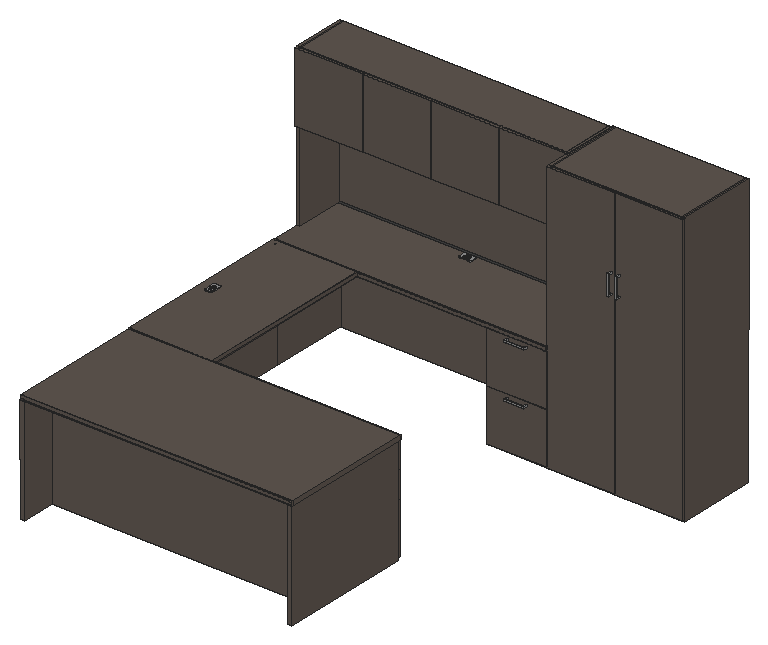
Revit family "T100056", category Generic Models, Revit 2018 (continued)
Definition of nested family "FIRST OFFICE-PULSE_CREDENZA_SINGLE_PED_RIGHT"
  Dimensions and locks (in)
    aligned and locked: plane 25 to Extrusion 6
    aligned and locked: Extrusion 6 to plane 24
    aligned and locked: Extrusion 14 to Sweep 15
    aligned and locked: Extrusion 16 to Sweep 15
    aligned and locked: plane 6 "DESK TOP" to cut or joined group of Extrusion 8, Extrusion 18
    aligned and locked: cut or joined group of Extrusion 8, Extrusion 18 to plane 7 "BASE HEIGHT"
    aligned and locked: plane 19 to Extrusion 3
    aligned and locked: plane 26 to cut or joined group of Extrusion 14, Sweep 15, Extrusion 18
    aligned and locked: Sweep 15 sketch curve to plane 26
    aligned and locked: plane 6 "DESK TOP" to Sweep 15 sketch curve
    aligned and locked: plane 26 to Sweep 17 sketch curve
    aligned and locked: plane 6 "DESK TOP" to Sweep 17 sketch curve
    aligned and locked: cut or joined group of Extrusion 14, Sweep 15, Extrusion 18 to plane 6 "DESK TOP"
    aligned and locked: cut or joined group of Sweep 15, Extrusion 16, Sweep 17, Extrusion 18 to plane 6 "DESK TOP"
  Automatic sketch dimensions
    Extrusion 1 sketch curve to plane 14 = 0' - 0"
    Extrusion 1 sketch curve to plane 16 = 0' - 0"
    Extrusion 1 sketch curve to plane 11 = 0' - 0"
    plane 17 to Extrusion 1 sketch curve = 0' - 0"
    Extrusion 2 sketch curve to plane 16 = 0' - 0"
    Extrusion 2 sketch curve to plane 10 "PEDESTAL TOP" = 0' - 0"
    plane 17 to Extrusion 2 sketch curve = 0' - 0"
    Extrusion 3 sketch curve to plane 23 "MODESTY PANEL" = 0' - 0"
    Extrusion 4 sketch curve to plane 10 "PEDESTAL TOP" = 0' - 0"
    Extrusion 4 sketch curve to plane 12 "PEDESTAL FRONT" = 0' - 0"
    Extrusion 4 sketch curve to plane 23 "MODESTY PANEL" = 0' - 0"
    level to Extrusion 4 sketch curve = 0' - 0.499"
    Extrusion 5 sketch curve to plane 7 "BASE HEIGHT" = 0' - 0"
    Extrusion 5 sketch curve to plane 12 "PEDESTAL FRONT" = 0' - 0"
    Extrusion 5 sketch curve to plane 9 "PEDESTAL BOTTOM" = 0' - 0"
    Extrusion 5 sketch curve to plane 24 = 0' - 0"
    Extrusion 8 sketch curve to plane 4 "LEFT" = 0' - 0"
    Extrusion 8 sketch curve to plane 5 "RIGHT" = 0' - 0"
    Extrusion 8 sketch curve to plane 8 "FRONT" = 0' - 0 1/8"
    Extrusion 9 sketch curve to plane 6 "DESK TOP" = 0' - 0"
    Extrusion 9 sketch curve to plane 7 "BASE HEIGHT" = 0' - 0"
    Extrusion 9 sketch curve to plane 8 "FRONT" = 0' - 0 1/8"
    plane 13 "DRAWER FRONT" to Extrusion 10 sketch curve = 0' - 0"  (x2)
    plane 20 to Extrusion 10 sketch curve = 0' - 4 5/32"
    Extrusion 10 sketch curve to Extrusion 10 sketch curve = 0' - 0 3/8"  (x2)
    plane 8 "FRONT" to Extrusion 10 sketch curve = 0' - 0 9/16"
    Extrusion 10 sketch curve to Extrusion 10 sketch curve = 0' - 4 11/16"
    Extrusion 10 sketch curve to Extrusion 10 sketch curve = 0' - 0 3/16"
    plane 13 "DRAWER FRONT" to Extrusion 11 sketch curve = 0' - 0"  (x2)
    plane 20 to Extrusion 11 sketch curve = 0' - 4 5/32"
    Extrusion 11 sketch curve to Extrusion 11 sketch curve = 0' - 0 3/8"  (x2)
    plane 8 "FRONT" to Extrusion 11 sketch curve = 0' - 0 9/16"
    Extrusion 11 sketch curve to Extrusion 11 sketch curve = 0' - 4 11/16"
    Extrusion 11 sketch curve to Extrusion 11 sketch curve = 0' - 0 3/16"
    Masking region 1 sketch curve to plane 4 "LEFT" = 0' - 0"
    Masking region 1 sketch curve to plane 5 "RIGHT" = 0' - 0"
    plane 8 "FRONT" to Masking region 1 sketch curve = 0' - 0"
    plane 8 "FRONT" to Masking region 2 sketch curve = 0' - 0"  (x2)
    Masking region 2 sketch curve to Masking region 2 sketch curve = 0' - 0 9/16"
    Masking region 2 sketch curve to Masking region 2 sketch curve = 0' - 0 3/16"
    plane 20 to Masking region 2 sketch curve = 0' - 4 5/32"
    Masking region 2 sketch curve to Masking region 2 sketch curve = 0' - 0 3/8"  (x2)
    Masking region 2 sketch curve to Masking region 2 sketch curve = 0' - 4 11/16"
    plane 12 "PEDESTAL FRONT" to Extrusion 12 sketch curve = 0' - 0 7/8"
    Extrusion 12 sketch curve to plane 19 = 0' - 0"
    Extrusion 12 sketch curve to plane 23 "MODESTY PANEL" = 0' - 0 1/8"
    plane 12 "PEDESTAL FRONT" to Extrusion 13 sketch curve = 0' - 0"
    Extrusion 13 sketch curve to plane 20 = 0' - 0"
    plane 16 to Extrusion 13 sketch curve = 0' - 0.062"
    plane 23 "MODESTY PANEL" to Extrusion 13 sketch curve = 0' - 0 1/8"
    Extrusion 14 sketch curve to plane 3 "Center Left/Right" = 0' - 1 1/4"
    Extrusion 14 sketch curve to plane 1 "Center Front/Back" = 0' - 7"
    Extrusion 14 sketch curve to Extrusion 14 sketch curve = 0' - 0 7/16"  (x3)
    Extrusion 14 sketch curve to Extrusion 14 sketch curve = 0' - 0.62004"  (x2)
    Extrusion 14 sketch curve to Extrusion 14 sketch curve = 0' - 0.25496"  (x2)
    Extrusion 14 sketch curve to Extrusion 14 sketch curve = 0' - 0 1/4"
    Extrusion 14 sketch curve to plane 3 "Center Left/Right" = 0' - 0"  (x2)
    Sweep 15 sketch curve to plane 3 "Center Left/Right" = 0' - 0 7/16"
    Sweep 15 sketch curve to plane 1 "Center Front/Back" = 0' - 7.62004"
    Sweep 15 sketch curve to Sweep 15 sketch curve = 0' - 0.25496"  (x2)
    Sweep 15 sketch curve to Sweep 15 sketch curve = 0' - 0 1/4"
    Sweep 15 sketch curve to plane 3 "Center Left/Right" = 0' - 0"  (x2)
    profile plane to Sweep 15 sketch curve = 0' - 0"
    plane 3 "Center Left/Right" to Extrusion 16 sketch curve = 0' - 1 1/4"
    Extrusion 16 sketch curve to plane 1 "Center Front/Back" = 0' - 7"
    Extrusion 16 sketch curve to Extrusion 16 sketch curve = 0' - 0 7/16"  (x2)
    plane 3 "Center Left/Right" to Extrusion 16 sketch curve = 0' - 0 7/16"
    Extrusion 16 sketch curve to Extrusion 16 sketch curve = 0' - 0.62004"  (x2)
    Extrusion 16 sketch curve to Extrusion 16 sketch curve = 0' - 0.25496"  (x2)
    Extrusion 16 sketch curve to Extrusion 16 sketch curve = 0' - 0 1/4"
    plane 3 "Center Left/Right" to Extrusion 16 sketch curve = 0' - 0"  (x2)
    Sweep 17 sketch curve to plane 3 "Center Left/Right" = 0' - 0 7/16"
    plane 1 "Center Front/Back" to Sweep 17 sketch curve = 0' - 7.62004"
    Sweep 17 sketch curve to Sweep 17 sketch curve = 0' - 0.25496"  (x2)
    Sweep 17 sketch curve to Sweep 17 sketch curve = 0' - 0 1/4"
    Sweep 17 sketch curve to plane 3 "Center Left/Right" = 0' - 0"  (x2)
    profile plane to Sweep 17 sketch curve = 0' - 0"
    Masking region 3 sketch curve to plane 1 "Center Front/Back" = 0' - 7"
    Masking region 3 sketch curve to Masking region 3 sketch curve = 0' - 0 7/16"  (x3)
    Masking region 3 sketch curve to plane 3 "Center Left/Right" = 0' - 0"  (x2)
    Masking region 3 sketch curve to Masking region 3 sketch curve = 0' - 0.62004"  (x2)
    Masking region 3 sketch curve to Masking region 3 sketch curve = 0' - 0.25496"  (x2)
    Masking region 3 sketch curve to Masking region 3 sketch curve = 0' - 0 1/4"
    Masking region 3 sketch curve to Masking region 3 sketch curve = 0' - 0 13/16"
    plane 3 "Center Left/Right" to Masking region 4 sketch curve = 0' - 0"  (x2)
    plane 3 "Center Left/Right" to Masking region 4 sketch curve = 0' - 0 7/16"
    Masking region 4 sketch curve to Masking region 4 sketch curve = 0' - 0"
    Masking region 4 sketch curve to Masking region 4 sketch curve = 0' - 0.25496"
    Masking region 4 sketch curve to Masking region 4 sketch curve = 0' - 0 13/16"
    Masking region 4 sketch curve to Masking region 4 sketch curve = 0' - 0.55754"
    Masking region 4 sketch curve to Masking region 4 sketch curve = 0' - 0 7/16"  (x2)
    Masking region 4 sketch curve to plane 1 "Center Front/Back" = 0' - 7"
    Masking region 4 sketch curve to Masking region 4 sketch curve = 0' - 0.62004"
    Masking region 4 sketch curve to Masking region 4 sketch curve = 0' - 0 1/4"
    Extrusion 18 sketch curve to plane 24 = 0' - 2.45"
    Extrusion 18 sketch curve to Extrusion 18 sketch curve = 0' - 1"
    Extrusion 18 sketch curve to plane 3 "Center Left/Right" = 0' - 0 3/4"
    plane 3 "Center Left/Right" to Extrusion 18 sketch curve = 0' - 0 3/4"
    plane 12 "PEDESTAL FRONT" to Extrusion 3 sketch curve = 0' - 1"
    plane 4 "LEFT" to Extrusion 12 sketch curve = 0' - 0 1/8"
Definition of nested family "FIRST OFFICE-PULSE_DESK_SINGLE_PED_LEFT"
  Parameters (values of type "PULSE_DESK_SNGL_PED_4-7236FLPD")
    URL = "http://www.firstoffice.com/products/casegoods/pulse"
    TOP D SIZE [instance] = yes
    THICKNESS [instance] = if(TOP D SIZE, 0' 1.188", 0' 1.563")  # 0' - 1.188"
    PEDESTAL HEIGHT = 2' - 4.187"
    DESK WIDTH = 6' - 0"
    FULL PED = PEDESTAL HEIGHT > 2' 1"  # yes
    DRAWER FRONT = none
    ENVIRONMENTAL = "http://www.firstoffice.com/information/environment"
    DESK DEPTH = 3' - 0"
    TOP CORE = none
    Manufacturer = "FIRST OFFICE-PULSE"
    MODEL NUMBER = "4-7236FLPD"
    MANUFACTURERS' CODE = "FOF"
    EDGE SHAPE = none
    Description = "PULSE SINGLE PED DESK LEFT 72X36"
    CHASSIS = none
    CATALOG CODE = "FOF"
  Types (5): name | PEDESTAL HEIGHT | DESK WIDTH | FULL PED | DESK DEPTH | MODEL NUMBER | Description
    (no name) | 2' - 4.187" | 6' - 0" | yes | 3' - 0" | "4-7236FLPD" | "PULSE SINGLE PED DESK LEFT 72X36"
    PULSE_DESK_SNGL_PED_4-6630FLPD | 2' - 4.187" | 5' - 6" | yes | 2' - 6" | "4-6630FLPD" | "PULSE SINGLE PED DESK LEFT 66X30"
    PULSE_DESK_SNGL_PED_4-7236FLPD | 2' - 4.187" | 6' - 0" | yes | 3' - 0" | "4-7236FLPD" | "PULSE SINGLE PED DESK LEFT 72X36"
    PULSE_DESK_SNGL_PED_4-6630LPD | 1' - 9 1/4" | 5' - 6" | no | 2' - 6" | "4-6630LPD" | "PULSE SINGLE 3/4 PED DESK LEFT 66X30"
    PULSE_DESK_SNGL_PED_4-7236LPD | 1' - 9 1/4" | 6' - 0" | no | 3' - 0" | "4-7236LPD" | "PULSE SINGLE 3/4 PED DESK LEFT 72X36"
  Reference planes (in)
    plane 1 "Center Front/Back": y = 3.18047
    plane 2: z = 0
    plane 3 "Center Left/Right": x = 0
    plane 4 "LEFT": x = -36
    plane 5 "RIGHT": x = 36
    plane 6 "DESK TOP": z = 30
    plane 7 "BASE HEIGHT": z = 28.812
    plane 8 "FRONT": y = -14.81953
    plane 9 "PEDESTAL BOTTOM": z = 0.5
    plane 10 "PEDESTAL TOP": z = 28.687
    plane 11: z = 1.063
    plane 12 "PEDESTAL FRONT": y = -13.81953
    plane 13 "DRAWER FRONT": y = -14.56953
    plane 14 "ARC DEPTH": y = 21.18047
    plane 15: z = 14.813
    plane 16: z = 14.938
    plane 17: z = 21.874
    plane 18: z = 21.75
    plane 19: x = -35.937
    plane 20: x = 35.937
    plane 21: x = -20.124
    plane 22: x = -34.937
    plane 23: x = -20.874
    plane 24: x = 34.937
    plane 25: z = 1.25
    plane 26: x = -20.187
    plane 27: y = 12.18047
    plane 28: y = 11.43047
    plane 29: z = 16.812
    plane 30: y = 21.05547
  Forms (in)
    Extrusion 1, solid, material <- "DRAWER FRONT"
      sketch origin (0, -14.56953, 0) x (1, 0, 0) y (0, 0, 1)
        loop
          line (-35.937, 14.813) -> (-35.937, 1.063) -> (-20.187, 1.063) -> (-20.187, 14.813) -> (-35.937, 14.813)
      from -0.75 to 0
    Extrusion 2, solid, visible <- "FULL PED"
      sketch origin (0, -14.56953, 0) x (1, 0, 0) y (0, 0, 1)
        loop
          line (-35.937, 21.75) -> (-35.937, 14.938) -> (-20.187, 14.938) -> (-20.187, 21.75) -> (-35.937, 21.75)
      from -0.75 to 0
    Extrusion 3, solid
      sketch origin (0, -14.56953, 0) x (1, 0, 0) y (0, 0, 1)
        loop
          line (-35.937, 28.687) -> (-35.937, 21.874) -> (-20.187, 21.874) -> (-20.187, 28.687) -> (-35.937, 28.687)
      from -0.75 to 0
    Extrusion 4, solid, material <- "CHASSIS"
      sketch origin (0, 12.18047, 0) x (-1, 0, 0) y (0, 0, 1)
        loop
          line (-34.937, 28.812) -> (-34.937, 0.499) -> (34.937, 0.499) -> (34.937, 28.812) -> (-34.937, 28.812)
      from -0.75 to 0
    Extrusion 5, solid, material <- "TOP CORE"
      sketch origin (0, 0, 30) x (0, 1, 0) y (-1, 0, 0)
        loop
          line (21.05547, 36) -> (-14.69453, 36) -> (-14.69453, -36) -> (21.05547, -36) -> (21.05547, 36)
      from -1.188 to 0
    Extrusion 6, solid, material <- "EDGE SHAPE"
      sketch origin (0, 0, 0) x (0, 1, 0) y (0, 0, 1)
        loop
          line (-14.69453, 28.812) -> (-14.69453, 30)
          arc (-14.69453, 30) -> (-14.78292, 29.96339) -> (-14.81953, 29.875) r 0.125
          line (-14.81953, 29.875) -> (-14.81953, 28.937)
          arc (-14.81953, 28.937) -> (-14.78292, 28.84861) -> (-14.69453, 28.812) r 0.125
      from -36 to 36
    Extrusion 7, solid, visible <- "FULL PED"
      sketch origin (-19.03911, -15.37535, 16.001) x (1, 0, 0) y (0, 1, 0)
        loop
          line (-11.74164, 0.80581) -> (-11.74164, -0.19419) -> (-6.30414, -0.19419) -> (-6.30414, 0.80581) -> (-6.67914, 0.80581) -> (-6.67914, -0.00669) -> (-11.36664, -0.00669) -> (-11.36664, 0.80581) -> (-11.74164, 0.80581)
      from 4.53125 to 5
    Extrusion 8, solid
      sketch origin (-19.03911, -15.37535, 22.938) x (1, 0, 0) y (0, 1, 0)
        loop
          line (-11.74164, 0.80581) -> (-11.74164, -0.19419) -> (-6.30414, -0.19419) -> (-6.30414, 0.80581) -> (-6.67914, 0.80581) -> (-6.67914, -0.00669) -> (-11.36664, -0.00669) -> (-11.36664, 0.80581) -> (-11.74164, 0.80581)
      from 4.53125 to 5
    Extrusion 9, solid
      sketch origin (-19.03911, -15.37535, 9.063) x (1, 0, 0) y (0, 1, 0)
        loop
          line (-11.74164, 0.80581) -> (-11.74164, -0.19419) -> (-6.30414, -0.19419) -> (-6.30414, 0.80581) -> (-6.67914, 0.80581) -> (-6.67914, -0.00669) -> (-11.36664, -0.00669) -> (-11.36664, 0.80581) -> (-11.74164, 0.80581)
      from 4.53125 to 5
    Extrusion 10, solid, material <- "CHASSIS"
      sketch origin (-38, 5.25, 0) x (0, 1, 0) y (0, 0, 1)
        loop
          line (-19.06953, 28.687) -> (-19.06953, 0.499) -> (15.93047, 0.499) -> (15.93047, 28.687) -> (-19.06953, 28.687)
      from 2 to 3.063
    Extrusion 11, solid
      sketch origin (-2, 5.25, 28.687) x (0, 1, 0) y (-1, 0, 0)
        loop
          line (15.80547, 32.937) -> (15.80547, 33.937) -> (-19.06953, 33.937) -> (-19.06953, 32.937) -> (15.80547, 32.937)
      from 0 to 0.125
    Extrusion 12, solid, material <- "CHASSIS"
      sketch origin (36, 5.5, 0) x (0, 1, 0) y (0, 0, -1)
        loop
          line (-20.31953, -28.687) -> (15.68047, -28.687) -> (15.68047, -0.499) -> (-20.31953, -0.499) -> (-20.31953, -28.687)
      from 0 to 1.063
    Extrusion 13, solid
      sketch origin (0, 5.5, 28.687) x (0, 1, 0) y (-1, 0, 0)
        loop
          line (15.55547, -34.937) -> (-20.06953, -34.937) -> (-20.06953, -35.937) -> (15.55547, -35.937) -> (15.55547, -34.937)
      from 0 to 0.125
    Extrusion 14, solid, material <- "CHASSIS"
      sketch origin (-15, 4.5, 0) x (0, 1, 0) y (0, 0, -1)
        loop
          line (-18.31953, -28.812) -> (6.93047, -28.812) -> (6.93047, -0.5) -> (-18.31953, -0.5) -> (-18.31953, -28.812)
      from 5.124 to 5.874
    Extrusion 15, solid, material <- "CHASSIS", not visible
      sketch origin (0, 4.5, 0.5) x (0, 1, 0) y (-1, 0, 0)
        loop
          line (6.93047, 20.874) -> (6.93047, 34.937) -> (-18.31953, 34.937) -> (-18.31953, 20.874) -> (6.93047, 20.874)
      from 0 to 0.75
    Extrusion 16, solid, material <- "CHASSIS"
      sketch origin (0, 1.5, 0.5) x (0, 1, 0) y (-1, 0, 0)
        loop
          line (9.93047, 20.874) -> (9.93047, 34.937) -> (-15.31953, 34.937) -> (-15.31953, 20.874) -> (9.93047, 20.874)
      from 0 to 0.75
    Extrusion 17, solid, material <- "EDGE SHAPE"
      sketch origin (0, 0, 0) x (0, 1, 0) y (0, 0, 1)
        loop
          arc (21.18047, 29.875) -> (21.14385, 29.96339) -> (21.05547, 30) r 0.125
          line (21.05547, 30) -> (21.05547, 28.812)
          arc (21.05547, 28.812) -> (21.14385, 28.84861) -> (21.18047, 28.937) r 0.125
          line (21.18047, 28.937) -> (21.18047, 29.875)
      from -36 to 36
  Lines and regions (in)
    Masking region 1
      outline origin (0, 0, 0) x (1, 0, 0) y (0, 1, 0)
        loop
          line (-36, 21.18047) -> (-36, -14.81953) -> (36, -14.81953) -> (36, 21.18047) -> (-36, 21.18047)
    Masking region 2
      outline origin (0, 0, 0) x (1, 0, 0) y (0, 1, 0)
        loop
          line (-30.78075, -14.81953) -> (-30.78075, -15.56953) -> (-25.34325, -15.56953) -> (-25.34325, -14.81953) -> (-25.71825, -14.81953) -> (-25.71825, -15.38203) -> (-30.40575, -15.38203) -> (-30.40575, -14.81953) -> (-30.78075, -14.81953)
  Dimensions and locks (in)
    equal spacing: plane 4 "LEFT", plane 3 "Center Left/Right", plane 5 "RIGHT"
    "DESK WIDTH": plane 4 "LEFT" to plane 5 "RIGHT"
    "DESK DEPTH": plane 8 "FRONT" to plane 14 "ARC DEPTH"
    equal spacing: plane 8 "FRONT", plane 1 "Center Front/Back", plane 14 "ARC DEPTH"
    plane 16 to plane 15 to plane 11 = 0' - 0 1/8" locked, 1' - 1 3/4" locked
    locked: plane 10 "PEDESTAL TOP" to plane 17 at 6.813
    locked: plane 17 to plane 18 at 0.124
    plane 25 to plane 11 to plane 9 "PEDESTAL BOTTOM" = 0' - 0.187" locked, 0' - 0.563" locked
    locked: Extrusion 4 sketch curve to Extrusion 5 at 28.313
    "PEDESTAL HEIGHT": plane 10 "PEDESTAL TOP" to plane 9 "PEDESTAL BOTTOM"
    plane 7 "BASE HEIGHT" to plane 10 "PEDESTAL TOP" to plane 2 = 0' - 0 1/8" locked, 2' - 4.687" locked
    "THICKNESS": plane 6 "DESK TOP" to plane 7 "BASE HEIGHT"
    plane 8 "FRONT" to plane 13 "DRAWER FRONT" to plane 12 "PEDESTAL FRONT" to plane 28 to plane 27 = 0' - 0 1/4" locked, 0' - 0 3/4" locked, 2' - 1 1/4" locked, 0' - 0 3/4" locked
    locked: plane 14 "ARC DEPTH" to plane 30 at 0.125
    plane 24 to plane 20 to plane 5 "RIGHT" = 0' - 1" locked, 0' - 0.063" locked
    plane 4 "LEFT" to plane 19 to plane 22 to plane 23 to plane 26 to plane 21 = 0' - 0.063" locked, 0' - 1" locked, 1' - 2.063" locked, 0' - 0.687" locked, 0' - 0.063" locked
    plane 15 to Extrusion 9 to Extrusion 9 = 0' - 0 3/4" locked, 0' - 0 15/32" locked
    aligned and locked: plane 19 to Extrusion 1 sketch curve
    aligned and locked: Extrusion 1 sketch curve to plane 15
    aligned and locked: plane 11 to Extrusion 1 sketch curve
    aligned and locked: Extrusion 2 sketch curve to plane 19
    aligned and locked: Extrusion 2 sketch curve to plane 16
    aligned and locked: plane 18 to Extrusion 2 sketch curve
    aligned and locked: Extrusion 3 sketch curve to plane 17
    aligned and locked: plane 10 "PEDESTAL TOP" to Extrusion 3 sketch curve
    aligned: Extrusion 3 to plane 12 "PEDESTAL FRONT"
    aligned: plane 13 "DRAWER FRONT" to Extrusion 3
    aligned: Extrusion 2 to plane 12 "PEDESTAL FRONT"
    aligned: plane 13 "DRAWER FRONT" to Extrusion 2
    aligned and locked: Extrusion 1 to plane 12 "PEDESTAL FRONT"
    aligned and locked: plane 13 "DRAWER FRONT" to Extrusion 1
    aligned and locked: plane 7 "BASE HEIGHT" to Extrusion 4 sketch curve
    aligned and locked: Extrusion 4 sketch curve to plane 24
    aligned and locked: Extrusion 4 sketch curve to plane 22
    aligned and locked: Extrusion 5 to plane 7 "BASE HEIGHT"
    aligned and locked: plane 6 "DESK TOP" to Extrusion 5
    aligned and locked: Extrusion 6 sketch curve to plane 8 "FRONT"
    aligned and locked: Extrusion 6 to plane 4 "LEFT"
    aligned and locked: plane 5 "RIGHT" to Extrusion 6
    aligned and locked: level to plane 2
    aligned and locked: plane 26 to Extrusion 3 sketch curve
    aligned and locked: plane 26 to Extrusion 2 sketch curve
    aligned and locked: Extrusion 1 sketch curve to plane 26
    aligned and locked: plane 27 to Extrusion 4
    aligned and locked: Extrusion 4 to plane 28
    aligned and locked: plane 28 to Extrusion 4
    aligned and locked: Extrusion 4 to plane 27
    aligned and locked: plane 5 "RIGHT" to Extrusion 5 sketch curve
    aligned and locked: plane 14 "ARC DEPTH" to Extrusion 10
    aligned and locked: plane 30 to Extrusion 11
    aligned and locked: plane 14 "ARC DEPTH" to Extrusion 12
    aligned and locked: plane 30 to Extrusion 13
    aligned and locked: plane 28 to Extrusion 16
    aligned and locked: plane 12 "PEDESTAL FRONT" to Extrusion 11
    aligned and locked: plane 12 "PEDESTAL FRONT" to Extrusion 10
    aligned and locked: plane 12 "PEDESTAL FRONT" to Extrusion 16
    aligned and locked: plane 12 "PEDESTAL FRONT" to Extrusion 15
    aligned and locked: plane 12 "PEDESTAL FRONT" to Extrusion 14
    aligned and locked: plane 13 "DRAWER FRONT" to Extrusion 13
    aligned and locked: plane 8 "FRONT" to Extrusion 12
    aligned and locked: Extrusion 10 to plane 4 "LEFT"
    aligned and locked: plane 22 to Extrusion 10
    aligned and locked: Extrusion 14 to plane 23
    aligned and locked: plane 21 to Extrusion 14
    aligned and locked: plane 5 "RIGHT" to Extrusion 12
    aligned and locked: plane 24 to Extrusion 12
    aligned and locked: Extrusion 8 to Masking region 2  (x2)
    aligned and locked: Extrusion 7 to Extrusion 8  (x2)
    aligned and locked: Extrusion 9 to Extrusion 7  (x2)
    aligned and locked: Extrusion 17 sketch curve to plane 30
    aligned and locked: plane 14 "ARC DEPTH" to Extrusion 17 sketch curve
    aligned and locked: plane 6 "DESK TOP" to Extrusion 17 sketch curve
    aligned and locked: plane 7 "BASE HEIGHT" to Extrusion 17 sketch curve
    aligned and locked: Extrusion 17 to plane 4 "LEFT"
    aligned and locked: plane 5 "RIGHT" to Extrusion 17
    aligned and locked: plane 25 to Extrusion 16
    aligned and locked: plane 25 to Extrusion 15
    aligned and locked: Extrusion 16 to plane 9 "PEDESTAL BOTTOM"
    aligned and locked: Extrusion 15 to plane 9 "PEDESTAL BOTTOM"
    aligned and locked: plane 28 to Extrusion 15 sketch curve
    aligned and locked: plane 28 to Extrusion 14
    aligned and locked: Extrusion 10 to Extrusion 4
    aligned and locked: Extrusion 12 to Extrusion 10
  Automatic sketch dimensions
    Extrusion 3 sketch curve to plane 19 = 0' - 0"
    Extrusion 5 sketch curve to plane 4 "LEFT" = 0' - 0"
    Extrusion 5 sketch curve to plane 30 = 0' - 0"
    Extrusion 5 sketch curve to plane 8 "FRONT" = 0' - 0 1/8"
    Extrusion 6 sketch curve to plane 6 "DESK TOP" = 0' - 0"
    Extrusion 6 sketch curve to plane 7 "BASE HEIGHT" = 0' - 0"
    Extrusion 6 sketch curve to plane 8 "FRONT" = 0' - 0 1/8"
    plane 13 "DRAWER FRONT" to Extrusion 7 sketch curve = 0' - 0"  (x2)
    plane 22 to Extrusion 7 sketch curve = 0' - 4 5/32"
    Extrusion 7 sketch curve to Extrusion 7 sketch curve = 0' - 0 3/8"  (x2)
    plane 8 "FRONT" to Extrusion 7 sketch curve = 0' - 0 9/16"
    Extrusion 7 sketch curve to plane 23 = 0' - 4.84425"
    Extrusion 7 sketch curve to Extrusion 7 sketch curve = 0' - 0 3/16"
    plane 13 "DRAWER FRONT" to Extrusion 8 sketch curve = 0' - 0"  (x2)
    plane 22 to Extrusion 8 sketch curve = 0' - 4 5/32"
    Extrusion 8 sketch curve to Extrusion 8 sketch curve = 0' - 0 3/8"  (x2)
    plane 8 "FRONT" to Extrusion 8 sketch curve = 0' - 0 9/16"
    Extrusion 8 sketch curve to plane 23 = 0' - 4.84425"
    Extrusion 8 sketch curve to Extrusion 8 sketch curve = 0' - 0 3/16"
    plane 13 "DRAWER FRONT" to Extrusion 9 sketch curve = 0' - 0"  (x2)
    plane 22 to Extrusion 9 sketch curve = 0' - 4 5/32"
    Extrusion 9 sketch curve to Extrusion 9 sketch curve = 0' - 0 3/8"  (x2)
    plane 8 "FRONT" to Extrusion 9 sketch curve = 0' - 0 9/16"
    Extrusion 9 sketch curve to plane 23 = 0' - 4.84425"
    Extrusion 9 sketch curve to Extrusion 9 sketch curve = 0' - 0 3/16"
    Masking region 1 sketch curve to plane 4 "LEFT" = 0' - 0"
    Masking region 1 sketch curve to plane 5 "RIGHT" = 0' - 0"
    plane 8 "FRONT" to Masking region 1 sketch curve = 0' - 0"
    Masking region 1 sketch curve to plane 14 "ARC DEPTH" = 0' - 0"
    Extrusion 10 sketch curve to plane 10 "PEDESTAL TOP" = 0' - 0"
    Extrusion 10 sketch curve to plane 12 "PEDESTAL FRONT" = 0' - 0"
    Extrusion 10 sketch curve to plane 14 "ARC DEPTH" = 0' - 0"
    Extrusion 10 sketch curve to plane 9 "PEDESTAL BOTTOM" = 0' - 0.001"
    plane 12 "PEDESTAL FRONT" to Extrusion 11 sketch curve = 0' - 0"
    Extrusion 11 sketch curve to plane 19 = 0' - 0"
    Extrusion 11 sketch curve to plane 30 = 0' - 0"
    Extrusion 11 sketch curve to plane 22 = 0' - 0"
    Extrusion 12 sketch curve to plane 8 "FRONT" = 0' - 0"
    Extrusion 12 sketch curve to plane 14 "ARC DEPTH" = 0' - 0"
    Extrusion 12 sketch curve to plane 10 "PEDESTAL TOP" = 0' - 0"
    Extrusion 12 sketch curve to plane 9 "PEDESTAL BOTTOM" = 0' - 0.001"
    plane 13 "DRAWER FRONT" to Extrusion 13 sketch curve = 0' - 0"
    Extrusion 13 sketch curve to plane 20 = 0' - 0"
    Extrusion 13 sketch curve to plane 30 = 0' - 0"
    Extrusion 13 sketch curve to plane 24 = 0' - 0"
    Extrusion 14 sketch curve to plane 7 "BASE HEIGHT" = 0' - 0"
    Extrusion 14 sketch curve to plane 12 "PEDESTAL FRONT" = 0' - 0"
    Extrusion 14 sketch curve to plane 9 "PEDESTAL BOTTOM" = 0' - 0"
    plane 12 "PEDESTAL FRONT" to Extrusion 15 sketch curve = 0' - 0"
    Extrusion 15 sketch curve to plane 22 = 0' - 0"
    Extrusion 15 sketch curve to plane 23 = 0' - 0"
    plane 12 "PEDESTAL FRONT" to Extrusion 16 sketch curve = 0' - 0"
    Extrusion 16 sketch curve to plane 22 = 0' - 0"
    Extrusion 16 sketch curve to plane 28 = 0' - 0"
    Extrusion 16 sketch curve to plane 23 = 0' - 0"
    plane 8 "FRONT" to Masking region 2 sketch curve = 0' - 0"  (x2)
    plane 8 "FRONT" to Masking region 2 sketch curve = 0' - 0 3/4"
    plane 22 to Masking region 2 sketch curve = 0' - 4 5/32"
    Masking region 2 sketch curve to Masking region 2 sketch curve = 0' - 0 3/8"  (x2)
    Masking region 2 sketch curve to Masking region 2 sketch curve = 0' - 4 11/16"
    Masking region 2 sketch curve to Masking region 2 sketch curve = 0' - 0 3/16"
    Extrusion 14 sketch curve to plane 30 = 0' - 9 5/8"
Definition of nested family "FIRST OFFICE-PULSE_STORAGE_WARDROBE_DOUBLE_DOOR"
  Parameters (values of type "PULSE_STORAGE_WARDROBE_2-DOORS_4-7236SW")
    CABINET WIDTH = 3' - 0"
    VERTICAL PLANKS = none
    URL = "http://www.firstoffice.com/products/casegoods/pulse"
    TOP/BOTTOM = none
    DOOR = none
    Manufacturer = "FIRST OFFICE-PULSE"
    MODEL NUMBER = "4-7236SW"
    MANUFACTURERS' CODE = "FOF"
    ENVIRONMENT = "http://www.firstoffice.com/information/environment"
    Description = "PULSE WARDROBE WITH 2 DOORS 36X72"
    CATALOG CODE = "FOF"
  Types (3): name | CABINET WIDTH | MODEL NUMBER | Description
    (no name) | 3' - 0" | "4-7236SW" | "PULSE WARDROBE WITH 2 DOORS 36X72"
    PULSE_STORAGE_WARDROBE_2-DOORS_4-7230SW | 2' - 6" | "4-7230SW" | "PULSE WARDROBE WITH 2 DOORS 30X72"
    PULSE_STORAGE_WARDROBE_2-DOORS_4-7236SW | 3' - 0" | "4-7236SW" | "PULSE WARDROBE WITH 2 DOORS 36X72"
  Reference planes (in)
    plane 1 "BACK": y = 0
    plane 2: z = 0
    plane 3 "Center Left/Right": x = 0
    plane 4 "LEFT": x = -18
    plane 5 "RIGHT": x = 18
    plane 6 "FRONT": y = -21
    plane 7: z = 72.5
    plane 8: y = -0.25
    plane 9: y = -1
    plane 10: z = 71.75
    plane 11: x = -17.25
    plane 12: x = 17.25
    plane 13: x = -17.937
    plane 14: x = 17.937
    plane 15: y = -21.75
    plane 16: z = 0.5
    plane 17: z = 72.437
    plane 18: z = 1.25
    plane 19: z = 1
    plane 20: z = 48.001
    plane 21: z = 53.4385
    plane 22: x = -0.063
    plane 23: x = 0.063
    plane 24: x = -0.813
    plane 25: x = -1.283
    plane 26: x = 0.813
    plane 27: x = 1.283
  Forms (in)
    Extrusion 1, solid, material <- "TOP/BOTTOM"
      sketch origin (0, 0, 29.018) x (1, 0, 0) y (0, 0, 1)
        loop
          line (-17.25, 43.482) -> (-17.25, 42.732) -> (17.25, 42.732) -> (17.25, 43.482) -> (-17.25, 43.482)
      from 0 to 21
    Extrusion 2, solid, material <- "VERTICAL PLANKS"
      sketch origin (-7.5, 0, 34.643) x (0, 1, 0) y (0, 0, 1)
        loop
          line (0, 37.857) -> (-21, 37.857) -> (-21, -34.143) -> (0, -34.143) -> (0, 37.857)
      from -10.5 to -9.75
    Extrusion 3, solid, material <- "VERTICAL PLANKS"
      sketch origin (24, 0, 34.643) x (0, 1, 0) y (0, 0, -1)
        loop
          line (0, -37.857) -> (0, 34.143) -> (-21, 34.143) -> (-21, -37.857) -> (0, -37.857)
      from 6 to 6.75
    Extrusion 4, solid, material <- "VERTICAL PLANKS"
      sketch origin (0, 0, 34.643) x (1, 0, 0) y (0, 0, 1)
        loop
          line (-17.25, 37.107) -> (-17.25, -34.143) -> (17.25, -34.143) -> (17.25, 37.107) -> (-17.25, 37.107)
      from 0.25 to 1
    Extrusion 5, solid, material <- "TOP/BOTTOM"
      sketch origin (0, -6.625, -9.982) x (1, 0, 0) y (0, 0, 1)
        loop
          line (-17.25, 11.232) -> (-17.25, 10.482) -> (17.25, 10.482) -> (17.25, 11.232) -> (-17.25, 11.232)
      from -5.625 to 14.375
    Extrusion 6, solid, material <- "DOOR"
      sketch origin (0, -21, 0) x (1, 0, 0) y (0, 0, 1)
        loop
          line (-0.063, 72.437) -> (-17.937, 72.437) -> (-17.937, 1) -> (-0.063, 1) -> (-0.063, 72.437)
      from 0 to 0.75
    Extrusion 7, solid
      sketch origin (-20.32598, -29.75035, 41.16486) x (0, 0, -1) y (0, 1, 0)
        loop
          line (-12.27364, 8.00035) -> (-12.27364, 7.00035) -> (-6.83614, 7.00035) -> (-6.83614, 8.00035) -> (-7.21114, 8.00035) -> (-7.21114, 7.18785) -> (-11.89864, 7.18785) -> (-11.89864, 8.00035) -> (-12.27364, 8.00035)
      from 19.04298 to 19.51298
    Extrusion 8, solid
      sketch origin (20.32598, -29.75035, 41.16486) x (0, 0, -1) y (0, -1, 0)
        loop
          line (-12.27364, -8.00035) -> (-11.89864, -8.00035) -> (-11.89864, -7.18785) -> (-7.21114, -7.18785) -> (-7.21114, -8.00035) -> (-6.83614, -8.00035) -> (-6.83614, -7.00035) -> (-12.27364, -7.00035) -> (-12.27364, -8.00035)
      from 19.04298 to 19.51298
    Extrusion 9, solid, material <- "DOOR"
      sketch origin (0, -21, 0) x (-1, 0, 0) y (0, 0, -1)
        loop
          line (-0.063, -72.437) -> (-0.063, -1) -> (-17.937, -1) -> (-17.937, -72.437) -> (-0.063, -72.437)
      from 0 to 0.75
    Extrusion 10, solid, material <- "VERTICAL PLANKS"
      sketch origin (7.125, 0, 34.643) x (0, 1, 0) y (0, 0, 1)
        loop
          line (0, 37.107) -> (-21, 37.107) -> (-21, -33.393) -> (0, -33.393) -> (0, 37.107)
      from -7.5 to -6.75
  Lines and regions (in)
    Masking region 1
      outline origin (0, 0, 0) x (1, 0, 0) y (0, 1, 0)
        loop
          line (18, 0) -> (-18, 0) -> (-18, -21) -> (18, -21) -> (18, 0)
    Masking region 2
      outline origin (0, 0, 0) x (1, 0, 0) y (0, 1, 0)
        loop
          line (-17.937, -21) -> (-17.937, -21.75) -> (17.937, -21.75) -> (17.937, -21) -> (-17.937, -21)
    Masking region 3
      outline origin (0, 0, 0) x (1, 0, 0) y (0, 1, 0)
        loop
          line (-1.283, -21.75) -> (-1.283, -22.75) -> (-0.813, -22.75) -> (-0.813, -21.75) -> (-1.283, -21.75)
    Masking region 4
      outline origin (0, 0, 0) x (0, 1, 0) y (-1, 0, 0)
        loop
          line (-21.75, -1.283) -> (-21.75, -0.813) -> (-22.75, -0.813) -> (-22.75, -1.283) -> (-21.75, -1.283)
  Dimensions and locks (in)
    locked: plane 7 to plane 16 at 72
    equal spacing: plane 4 "LEFT", plane 3 "Center Left/Right", plane 5 "RIGHT"
    plane 18 to plane 19 to plane 16 to plane 2 = 0' - 0 1/4" locked, 0' - 0 1/2" locked, 0' - 0 1/2" locked
    "CABINET WIDTH": plane 4 "LEFT" to plane 5 "RIGHT"
    plane 12 to plane 14 to plane 5 "RIGHT" = 0' - 0.687" locked, 0' - 0.063" locked
    plane 15 to plane 6 "FRONT" to plane 9 to plane 8 to plane 1 "BACK" = 0' - 0 3/4" locked, 1' - 8" locked, 0' - 0 3/4" locked, 0' - 0 1/4" locked
    plane 7 to plane 17 to plane 10 = 0' - 0.063" locked, 0' - 0.687" locked
    plane 4 "LEFT" to plane 13 to plane 11 = 0' - 0.063" locked, 0' - 0.687" locked
    plane 21 to plane 20 to plane 16 = 0' - 5 7/16" locked, 3' - 11.501"
    aligned and locked: plane 7 to Extrusion 1 sketch curve
    aligned and locked: plane 6 "FRONT" to Extrusion 1
    aligned and locked: plane 6 "FRONT" to Extrusion 2
    aligned and locked: plane 6 "FRONT" to Extrusion 3
    aligned and locked: Extrusion 4 to plane 8
    aligned and locked: plane 11 to Extrusion 2
    aligned and locked: Extrusion 4 to plane 11
    aligned and locked: Extrusion 4 to plane 12
    aligned and locked: plane 5 "RIGHT" to Extrusion 3
    aligned and locked: plane 12 to Extrusion 3
    aligned: plane 10 to Extrusion 2
    aligned: plane 10 to Extrusion 3
    aligned and locked: Extrusion 1 to plane 10
    aligned: plane 10 to Extrusion 4
    aligned and locked: plane 7 to Extrusion 2
    aligned and locked: Extrusion 1 to plane 11
    aligned and locked: plane 7 to Extrusion 3
    aligned and locked: Extrusion 1 to plane 12
    aligned and locked: plane 9 to Extrusion 4
    aligned and locked: Extrusion 2 to plane 4 "LEFT"
    aligned and locked: Extrusion 3 to plane 16
    aligned and locked: Extrusion 2 to plane 16
    aligned: Extrusion 4 to plane 16
    aligned: Extrusion 4 to plane 18
    aligned: plane 7 to Extrusion 4
    aligned: Extrusion 1 to plane 9
    aligned and locked: Extrusion 4 to plane 16
    aligned and locked: Extrusion 5 to plane 16
    aligned and locked: plane 18 to Extrusion 5
    aligned and locked: level to plane 2
    aligned and locked: plane 10 to Extrusion 4
    aligned and locked: Extrusion 1 to plane 1 "BACK"
    aligned and locked: Extrusion 5 to plane 9
    aligned and locked: Extrusion 6 sketch curve to plane 13
    aligned and locked: plane 22 to Extrusion 6 sketch curve
    aligned and locked: plane 17 to Extrusion 6 sketch curve
    aligned and locked: plane 21 to Extrusion 7
    aligned and locked: Extrusion 7 to plane 20
    aligned and locked: plane 24 to Extrusion 7
    aligned and locked: Extrusion 7 to plane 25
    aligned and locked: Extrusion 8 to plane 26
    aligned and locked: plane 27 to Extrusion 8
    aligned and locked: Masking region 2 to plane 13
    aligned and locked: plane 10 to Extrusion 10
    aligned and locked: Extrusion 10 to plane 18
    aligned and locked: Extrusion 6 to plane 19
    aligned and locked: Extrusion 9 to plane 19
  Automatic sketch dimensions
    Extrusion 1 sketch curve to plane 10 = 0' - 0"
    Extrusion 1 sketch curve to plane 11 = 0' - 0"
    plane 12 to Extrusion 1 sketch curve = 0' - 0"
    Extrusion 2 sketch curve to plane 6 "FRONT" = 0' - 0"
    Extrusion 2 sketch curve to plane 1 "BACK" = 0' - 0"
    Extrusion 2 sketch curve to plane 16 = 0' - 0"
    Extrusion 2 sketch curve to plane 7 = 0' - 0"
    Extrusion 3 sketch curve to plane 6 "FRONT" = 0' - 0"
    Extrusion 3 sketch curve to plane 1 "BACK" = 0' - 0"
    Extrusion 3 sketch curve to plane 7 = 0' - 0"
    Extrusion 3 sketch curve to plane 16 = 0' - 0"
    Extrusion 4 sketch curve to plane 11 = 0' - 0"
    Extrusion 4 sketch curve to plane 10 = 0' - 0"
    plane 12 to Extrusion 4 sketch curve = 0' - 0"
    Extrusion 4 sketch curve to plane 16 = 0' - 0"
    Extrusion 5 sketch curve to plane 11 = 0' - 0"
    plane 12 to Extrusion 5 sketch curve = 0' - 0"
    Extrusion 5 sketch curve to plane 16 = 0' - 0"
    Extrusion 5 sketch curve to plane 18 = 0' - 0"
    Extrusion 6 sketch curve to plane 19 = 0' - 0"
    Extrusion 7 sketch curve to plane 15 = 0' - 0"  (x2)
    Extrusion 7 sketch curve to plane 21 = 0' - 0"
    Extrusion 7 sketch curve to plane 20 = 0' - 0"
    Extrusion 7 sketch curve to Extrusion 7 sketch curve = 0' - 0 3/8"
    plane 20 to Extrusion 7 sketch curve = 0' - 0 3/8"
    plane 15 to Extrusion 7 sketch curve = 0' - 0 13/16"
    Extrusion 7 sketch curve to Extrusion 7 sketch curve = 0' - 0 3/16"
    plane 1 "BACK" to Masking region 1 sketch curve = 0' - 0"
    Masking region 1 sketch curve to plane 4 "LEFT" = 0' - 0"
    Masking region 1 sketch curve to plane 5 "RIGHT" = 0' - 0"
    plane 6 "FRONT" to Masking region 1 sketch curve = 0' - 0"
    Masking region 2 sketch curve to plane 13 = 0' - 0"
    plane 6 "FRONT" to Masking region 2 sketch curve = 0' - 0"
    Masking region 2 sketch curve to plane 14 = 0' - 0"
    plane 15 to Masking region 2 sketch curve = 0' - 0"
    Masking region 3 sketch curve to plane 25 = 0' - 0"
    plane 15 to Masking region 3 sketch curve = 0' - 0"
    Masking region 3 sketch curve to plane 24 = 0' - 0"
    Masking region 3 sketch curve to Masking region 3 sketch curve = 0' - 1"
    Extrusion 8 sketch curve to plane 15 = 0' - 0"  (x2)
    Extrusion 8 sketch curve to plane 21 = 0' - 0"
    Extrusion 8 sketch curve to plane 20 = 0' - 0"
    Extrusion 8 sketch curve to Extrusion 8 sketch curve = 0' - 0 3/8"
    plane 20 to Extrusion 8 sketch curve = 0' - 0 3/8"
    plane 15 to Extrusion 8 sketch curve = 0' - 0 13/16"
    Extrusion 8 sketch curve to Extrusion 8 sketch curve = 0' - 0 3/16"
    Masking region 4 sketch curve to plane 27 = 0' - 0"
    Masking region 4 sketch curve to plane 26 = 0' - 0"
    plane 15 to Masking region 4 sketch curve = 0' - 0"
    Masking region 4 sketch curve to Masking region 4 sketch curve = 0' - 1"
    Extrusion 9 sketch curve to plane 14 = 0' - 0"
    Extrusion 9 sketch curve to plane 19 = 0' - 0"
    Extrusion 9 sketch curve to plane 23 = 0' - 0"
    Extrusion 9 sketch curve to plane 17 = 0' - 0"
    Extrusion 10 sketch curve to plane 6 "FRONT" = 0' - 0"
    Extrusion 10 sketch curve to plane 1 "BACK" = 0' - 0"
    Extrusion 10 sketch curve to plane 18 = 0' - 0"
    Extrusion 10 sketch curve to plane 10 = 0' - 0"
